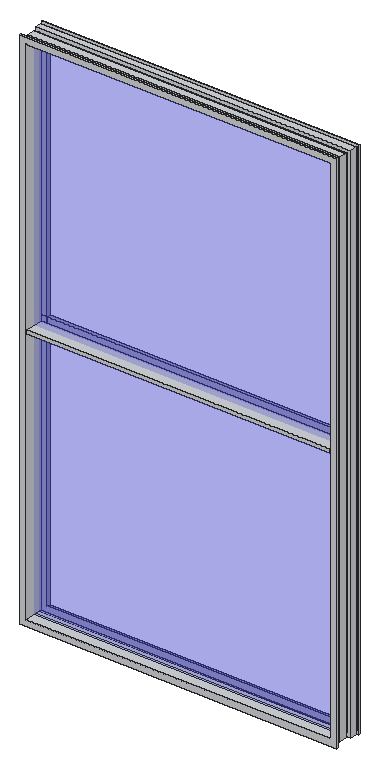
Revit family "3250 Contemporary_Fixed Single Horizontal Rail", category Windows, host Wall, Revit 2023
Family settings
  Host = Wall
  OmniClass Number = 23.30.20.00
  OmniClass Title = Windows
  Always vertical = Yes
  Cut with Voids When Loaded = No
  Shared = No
  Room Calculation Point = No
Parameters
  Rough Width = 3' - 0"
  Height = 5' - 0"
  Glass Material = Glass
  Frame Material = none
  Depth From Exterior = 0' - 1"
  Default Sill Height = 3' - 0"
  Wall Closure = By host
  Width = 3' - 0"
  Bottom Bay Height (Rail Placement) = 2' - 4 55/64"
Reference planes (in)
  plane 1 "Center (Front/Back)": y = 0
  plane 2: z = 0
  plane 3 "Center (Left/Right)": x = 0
  plane 4 "Left": x = -18
  plane 5 "Right": x = 18
  plane 6 "Sill": z = 36
  plane 7 "Top": z = 96
  plane 8: y = 3
  plane 9: y = 2
  plane 10: y = -1.25
  plane 11: y = 2
  plane 12: y = -1.25
  plane 13: y = -0.1595
  plane 14: y = 0.8405
  plane 15: y = -0.1595
  plane 16: y = 2
  plane 17: y = -1.25
  plane 18: z = 65.77893
  plane 19: z = 65.67853
  plane 20: z = 36.81915
Forms (in)
  Sweep 1, solid
    path origin (0, 0, 0) x (1, 0, 0) y (0, 0, 1)
      loop
        line (18, 36) -> (18, 96) -> (-18, 96) -> (-18, 36) -> (18, 36)
    profile origin (0, 0, 36) x (0, 0, -1) y (0, -1, 0)
      loop
        line (-1.34375, -0.875) -> (-0.81915, -2) -> (0, -2) -> (0, -1.875) -> (-0.28125, -1.875) -> (-0.28125, -1.612) -> (-0.12188, -1.612) -> (-0.12188, -0.84422) -> (-0.49675, -0.84422) -> (-0.49675, -0.34375) -> (-0.26375, -0.34375) -> (-0.26375, 0.46854) -> (-0.46875, 0.46854) -> (-0.46875, 1.125) -> (0, 1.125) -> (0, 1.25) -> (-0.71875, 1.25) -> (-0.71875, -0.875) -> (-1.34375, -0.875)
  Sweep 2, solid, material "Glass" <- "Glass Material"
    path origin (0, 0, 0) x (0, 1, 0) y (0, 0, 1)
      loop
        line (0.60301, 36.71875) -> (0.60301, 95.28125)
    profile origin (0, 0.60301, 66) x (0, -1, 0) y (1, 0, 0)
      loop
        line (-0.23749, -17.28125) -> (0.01251, -17.28125) -> (0.01251, 17.28125) -> (-0.23749, 17.28125) -> (-0.23749, -17.28125)
      loop
        line (0.51251, -17.28125) -> (0.76251, -17.28125) -> (0.76251, 17.28125) -> (0.51251, 17.28125) -> (0.51251, -17.28125)
  Sweep 3, solid
    path origin (0, 0, 0) x (1, 0, 0) y (0, 0, 1)
      loop
        line (17.18085, 66.21643) -> (-17.18085, 66.21643)
    profile origin (0, 0, 66.21643) x (0, 0, -1) y (0, -1, 0)
      loop
        line (-0.625, -0.875) -> (-0.1004, -2) -> (0.5379, -2) -> (1.0625, -0.875) -> (0.4375, -0.875) -> (0.4375, 1.25) -> (0, 1.25) -> (0, -0.875) -> (-0.625, -0.875)
Lines and regions (in)
  Opening 1
    outline origin (-60, -3, 0) x (1, 0, 0) y (0, 0, 1)
      loop
        line (42, 96) -> (42, 36) -> (78, 36) -> (78, 96) -> (42, 96)
Text (in)
  text "EXTERIOR" at (-58.6888, 50.90694, 0), in view "Ref. Level"
  text "INTERIOR" at (-58.6888, -37.76638, 0), in view "Ref. Level"
  text "Exterior" at (0, 43.65631, 123.19604), in view "Left"
  text "Exterior" at (0, 18.29385, 125.04747), in view "Right"
Dimensions and locks (in)
  equal spacing: plane 4 "Left", plane 3 "Center (Left/Right)", plane 5 "Right"
  "Height": plane 6 "Sill" to plane 7 "Top"
  "Default Sill Height": plane 2 to plane 6 "Sill"
  "Width": plane 4 "Left" to plane 5 "Right"
  "Depth From Exterior": plane 8 to plane 9
  locked: plane 11 to plane 10 at 3.25
  locked: plane 13 to plane 12 at 1.0905
  locked: plane 14 to plane 15 at 1
  locked: plane 18 to plane 19 at 0.1004
  locked: plane 16 to plane 17 at 3.25
  locked: plane 6 "Sill" to plane 20 at 0.81915
  "Bottom Bay Height (Rail Placement)": plane 20 to plane 19
  aligned and locked: plane 7 "Top" to Opening 1 sketch curve
  aligned and locked: plane 6 "Sill" to Opening 1 sketch curve  (x2)
  aligned and locked: plane 5 "Right" to Opening 1 sketch curve
  aligned and locked: plane 4 "Left" to Opening 1 sketch curve
  aligned and locked: level to plane 2
  aligned and locked: plane 8 to host wall
  aligned and locked: plane 6 "Sill" to Sweep 1 sketch curve
  aligned and locked: plane 4 "Left" to Sweep 1 sketch curve
  aligned and locked: Sweep 1 sketch curve to plane 7 "Top"
  aligned and locked: Sweep 1 sketch curve to plane 5 "Right"
  aligned and locked: plane 11 to Sweep 1
  aligned and locked: plane 10 to Sweep 1
  aligned and locked: plane 9 to plane 11
  aligned and locked: plane 10 to plane 12
  aligned and locked: Sweep 1 to Sweep 2 sketch curve  (x2)
  aligned and locked: Sweep 2 sketch curve to Sweep 1  (x4)
  aligned and locked: plane 14 to Sweep 2
  aligned and locked: plane 15 to Sweep 2
  aligned and locked: plane 13 to plane 15
  aligned and locked: Sweep 1 to Sweep 3 sketch curve  (x2)
  aligned and locked: plane 16 to Sweep 3
  aligned and locked: plane 17 to Sweep 3
  aligned and locked: plane 18 to Sweep 3
  aligned and locked: plane 19 to Sweep 3
  aligned and locked: plane 16 to plane 11
  aligned and locked: plane 20 to Sweep 1
Automatic sketch dimensions
  profile plane to Sweep 1 sketch curve = 0' - 0.81915"
  Sweep 1 sketch curve to Sweep 1 sketch curve = 0' - 0.1004"
  Sweep 1 sketch curve to Sweep 1 sketch curve = 0' - 0.222"
  Sweep 1 sketch curve to Sweep 1 sketch curve = 0' - 0.028"
  Sweep 1 sketch curve to Sweep 1 sketch curve = 0' - 0.5379"
  Sweep 1 sketch curve to Sweep 1 sketch curve = 0' - 0.205"
  Sweep 1 sketch curve to Sweep 1 sketch curve = 0' - 0.15937"
  Sweep 1 sketch curve to Sweep 1 sketch curve = 0' - 0 15/32"
  Sweep 1 sketch curve to Sweep 1 sketch curve = 0' - 0 9/32"
  Sweep 1 sketch curve to plane 1 "Center (Front/Back)" = 0' - 2"
  Sweep 1 sketch curve to Sweep 1 sketch curve = 0' - 0 1/8"  (x2)
  Sweep 1 sketch curve to Sweep 1 sketch curve = 0' - 0.263"
  Sweep 1 sketch curve to Sweep 1 sketch curve = 0' - 0.76778"
  Sweep 1 sketch curve to Sweep 1 sketch curve = 0' - 0.50047"
  Sweep 1 sketch curve to Sweep 1 sketch curve = 0' - 0.81229"
  Sweep 1 sketch curve to Sweep 1 sketch curve = 0' - 0.65646"
  Sweep 1 sketch curve to Sweep 1 sketch curve = 0' - 0 5/8"
  Sweep 1 sketch curve to Sweep 1 sketch curve = 0' - 0.03078"
  Sweep 2 sketch curve to plane 1 "Center (Front/Back)" = 0' - 0.60301"
  profile plane to Sweep 2 sketch curve = 0' - 0.23749"
  Sweep 2 sketch curve to Sweep 2 sketch curve = 0' - 0 1/4"  (x2)
  Sweep 2 sketch curve to Sweep 2 sketch curve = 0' - 0 3/4"
  plane 7 "Top" to Sweep 3 sketch curve = 2' - 5.78357"
  profile plane to Sweep 3 sketch curve = 0' - 0.1004"
  profile plane to Sweep 3 sketch curve = 0' - 0"
  Sweep 3 sketch curve to Sweep 3 sketch curve = 0' - 0 7/16"
  Sweep 3 sketch curve to Sweep 3 sketch curve = 0' - 0.63831"
  Sweep 3 sketch curve to Sweep 3 sketch curve = 0' - 0 5/8"  (x2)
  Sweep 3 sketch curve to plane 1 "Center (Front/Back)" = 0' - 2"
  Sweep 3 sketch curve to Sweep 3 sketch curve = 0' - 1 1/8"
  Sweep 3 sketch curve to Sweep 3 sketch curve = 0' - 2 1/8"
  Sweep 3 sketch curve to Sweep 3 sketch curve = 0' - 0"
